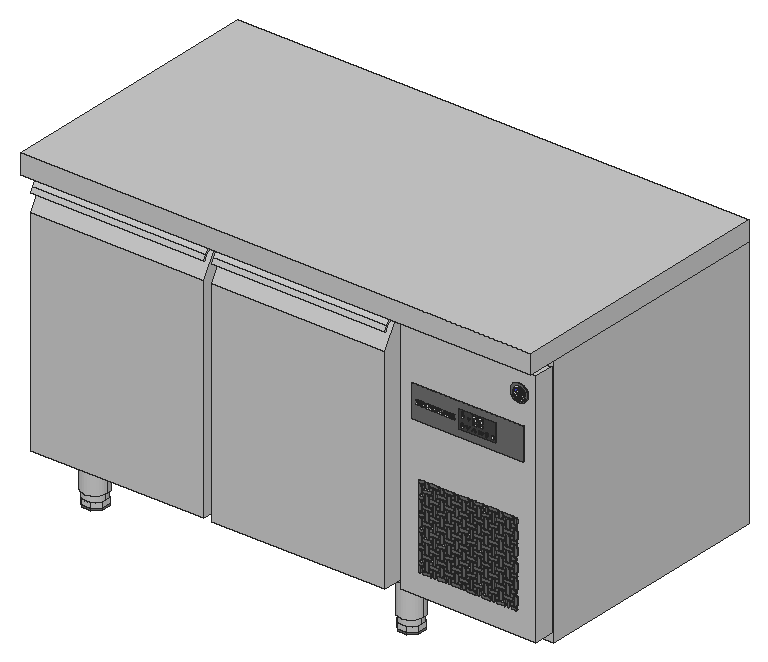
Revit family "QF_HOSHIZAKI_899000840", category Specialty Equipment, Revit 2016 (continued)
Definition of nested family "QF_HOSHIZAKI_899000840_230V_1Ph_50Hz"
  Definition of nested family "Control-panel"
    Forms (mm)
      Extrusion 1, solid
        sketch origin (-3653, 19.5, -135) x (-1, 0, 0) y (0, 0, 1)
          loop
            line (-3729.025, 276.976) -> (-3729.025, 283.976) -> (-3736.025, 283.976) -> (-3736.025, 276.976) -> (-3729.025, 276.976)
          loop
            line (-3710.025, 276.976) -> (-3710.025, 283.976) -> (-3717.025, 283.976) -> (-3717.025, 276.976) -> (-3710.025, 276.976)
          loop
            arc (-3719.5, 279.986) -> (-3723, 283.486) -> (-3726.5, 279.986) r 3.5
            line (-3726.5, 279.986) -> (-3726.5, 261.986)
            arc (-3726.5, 261.986) -> (-3723, 258.486) -> (-3719.5, 261.986) r 3.5
            line (-3719.5, 261.986) -> (-3719.5, 279.986)
          loop
            arc (-3757.5, 279.986) -> (-3761, 283.486) -> (-3764.5, 279.986) r 3.5
            line (-3764.5, 279.986) -> (-3764.5, 261.986)
            arc (-3764.5, 261.986) -> (-3761, 258.486) -> (-3757.5, 261.986) r 3.5
            line (-3757.5, 261.986) -> (-3757.5, 279.986)
          loop
            arc (-3795.5, 279.986) -> (-3799, 283.486) -> (-3802.5, 279.986) r 3.5
            line (-3802.5, 279.986) -> (-3802.5, 261.986)
            arc (-3802.5, 261.986) -> (-3799, 258.486) -> (-3795.5, 261.986) r 3.5
            line (-3795.5, 261.986) -> (-3795.5, 279.986)
          loop
            arc (-3833.5, 279.986) -> (-3837, 283.486) -> (-3840.5, 279.986) r 3.5
            line (-3840.5, 279.986) -> (-3840.5, 261.986)
            arc (-3840.5, 261.986) -> (-3837, 258.486) -> (-3833.5, 261.986) r 3.5
            line (-3833.5, 261.986) -> (-3833.5, 279.986)
          loop
            arc (-3871.5, 279.986) -> (-3875, 283.486) -> (-3878.5, 279.986) r 3.5
            line (-3878.5, 279.986) -> (-3878.5, 261.986)
            arc (-3878.5, 261.986) -> (-3875, 258.486) -> (-3871.5, 261.986) r 3.5
            line (-3871.5, 261.986) -> (-3871.5, 279.986)
          loop
            arc (-3909.5, 279.986) -> (-3913, 283.486) -> (-3916.5, 279.986) r 3.5
            line (-3916.5, 279.986) -> (-3916.5, 261.986)
            arc (-3916.5, 261.986) -> (-3913, 258.486) -> (-3909.5, 261.986) r 3.5
            line (-3909.5, 261.986) -> (-3909.5, 279.986)
          loop
            arc (-3951, 292.986) -> (-3954, 289.986) -> (-3951, 286.986) r 3
            line (-3951, 286.986) -> (-3942, 286.986)
            arc (-3942, 286.986) -> (-3939, 289.986) -> (-3942, 292.986) r 3
            line (-3942, 292.986) -> (-3951, 292.986)
          loop
            arc (-3947.5, 279.986) -> (-3951, 283.486) -> (-3954.5, 279.986) r 3.5
            line (-3954.5, 279.986) -> (-3954.5, 261.986)
            arc (-3954.5, 261.986) -> (-3951, 258.486) -> (-3947.5, 261.986) r 3.5
            line (-3947.5, 261.986) -> (-3947.5, 279.986)
          loop
            arc (-3941, 274.486) -> (-3944.5, 270.986) -> (-3941, 267.486) r 3.5
            line (-3941, 267.486) -> (-3923, 267.486)
            arc (-3923, 267.486) -> (-3919.5, 270.986) -> (-3923, 274.486) r 3.5
            line (-3923, 274.486) -> (-3941, 274.486)
          loop
            arc (-3903, 274.486) -> (-3906.5, 270.986) -> (-3903, 267.486) r 3.5
            line (-3903, 267.486) -> (-3885, 267.486)
            arc (-3885, 267.486) -> (-3881.5, 270.986) -> (-3885, 274.486) r 3.5
            line (-3885, 274.486) -> (-3903, 274.486)
          loop
            arc (-3865, 274.486) -> (-3868.5, 270.986) -> (-3865, 267.486) r 3.5
            line (-3865, 267.486) -> (-3847, 267.486)
            arc (-3847, 267.486) -> (-3843.5, 270.986) -> (-3847, 274.486) r 3.5
            line (-3847, 274.486) -> (-3865, 274.486)
          loop
            arc (-3827, 274.486) -> (-3830.5, 270.986) -> (-3827, 267.486) r 3.5
            line (-3827, 267.486) -> (-3809, 267.486)
            arc (-3809, 267.486) -> (-3805.5, 270.986) -> (-3809, 274.486) r 3.5
            line (-3809, 274.486) -> (-3827, 274.486)
          loop
            arc (-3789, 274.486) -> (-3792.5, 270.986) -> (-3789, 267.486) r 3.5
            line (-3789, 267.486) -> (-3771, 267.486)
            arc (-3771, 267.486) -> (-3767.5, 270.986) -> (-3771, 274.486) r 3.5
            line (-3771, 274.486) -> (-3789, 274.486)
          loop
            arc (-3751, 274.486) -> (-3754.5, 270.986) -> (-3751, 267.486) r 3.5
            line (-3751, 267.486) -> (-3733, 267.486)
            arc (-3733, 267.486) -> (-3729.5, 270.986) -> (-3733, 274.486) r 3.5
            line (-3733, 274.486) -> (-3751, 274.486)
          loop
            arc (-3713, 274.486) -> (-3716.5, 270.986) -> (-3713, 267.486) r 3.5
            line (-3713, 267.486) -> (-3704, 267.486)
            arc (-3704, 267.486) -> (-3700.5, 270.986) -> (-3704, 274.486) r 3.5
            line (-3704, 274.486) -> (-3713, 274.486)
          loop
            line (-3938.025, 264.996) -> (-3945.025, 264.996) -> (-3945.025, 257.996) -> (-3938.025, 257.996) -> (-3938.025, 264.996)
          loop
            line (-3919.025, 264.996) -> (-3926.025, 264.996) -> (-3926.025, 257.996) -> (-3919.025, 257.996) -> (-3919.025, 264.996)
          loop
            line (-3900.025, 264.996) -> (-3907.025, 264.996) -> (-3907.025, 257.996) -> (-3900.025, 257.996) -> (-3900.025, 264.996)
          loop
            line (-3881.025, 264.996) -> (-3888.025, 264.996) -> (-3888.025, 257.996) -> (-3881.025, 257.996) -> (-3881.025, 264.996)
          loop
            line (-3862.025, 264.996) -> (-3869.025, 264.996) -> (-3869.025, 257.996) -> (-3862.025, 257.996) -> (-3862.025, 264.996)
          loop
            line (-3843.025, 264.996) -> (-3850.025, 264.996) -> (-3850.025, 257.996) -> (-3843.025, 257.996) -> (-3843.025, 264.996)
          loop
            line (-3824.025, 264.996) -> (-3831.025, 264.996) -> (-3831.025, 257.996) -> (-3824.025, 257.996) -> (-3824.025, 264.996)
          loop
            line (-3805.025, 264.996) -> (-3812.025, 264.996) -> (-3812.025, 257.996) -> (-3805.025, 257.996) -> (-3805.025, 264.996)
          loop
            line (-3786.025, 264.996) -> (-3793.025, 264.996) -> (-3793.025, 257.996) -> (-3786.025, 257.996) -> (-3786.025, 264.996)
          loop
            line (-3767.025, 264.996) -> (-3774.025, 264.996) -> (-3774.025, 257.996) -> (-3767.025, 257.996) -> (-3767.025, 264.996)
          loop
            line (-3748.025, 264.996) -> (-3755.025, 264.996) -> (-3755.025, 257.996) -> (-3748.025, 257.996) -> (-3748.025, 264.996)
          loop
            line (-3729.025, 264.996) -> (-3736.025, 264.996) -> (-3736.025, 257.996) -> (-3729.025, 257.996) -> (-3729.025, 264.996)
          loop
            line (-3710.025, 264.996) -> (-3717.025, 264.996) -> (-3717.025, 257.996) -> (-3710.025, 257.996) -> (-3710.025, 264.996)
          loop
            line (-3935.5, 260.986) -> (-3935.5, 242.986)
            arc (-3935.5, 242.986) -> (-3932, 239.486) -> (-3928.5, 242.986) r 3.5
            line (-3928.5, 242.986) -> (-3928.5, 260.986)
            arc (-3928.5, 260.986) -> (-3932, 264.486) -> (-3935.5, 260.986) r 3.5
          loop
            line (-3897.5, 260.986) -> (-3897.5, 242.986)
            arc (-3897.5, 242.986) -> (-3894, 239.486) -> (-3890.5, 242.986) r 3.5
            line (-3890.5, 242.986) -> (-3890.5, 260.986)
            arc (-3890.5, 260.986) -> (-3894, 264.486) -> (-3897.5, 260.986) r 3.5
          loop
            line (-3859.5, 260.986) -> (-3859.5, 242.986)
            arc (-3859.5, 242.986) -> (-3856, 239.486) -> (-3852.5, 242.986) r 3.5
            line (-3852.5, 242.986) -> (-3852.5, 260.986)
            arc (-3852.5, 260.986) -> (-3856, 264.486) -> (-3859.5, 260.986) r 3.5
          loop
            line (-3821.5, 260.986) -> (-3821.5, 242.986)
            arc (-3821.5, 242.986) -> (-3818, 239.486) -> (-3814.5, 242.986) r 3.5
            line (-3814.5, 242.986) -> (-3814.5, 260.986)
            arc (-3814.5, 260.986) -> (-3818, 264.486) -> (-3821.5, 260.986) r 3.5
          loop
            line (-3783.5, 260.986) -> (-3783.5, 242.986)
            arc (-3783.5, 242.986) -> (-3780, 239.486) -> (-3776.5, 242.986) r 3.5
            line (-3776.5, 242.986) -> (-3776.5, 260.986)
            arc (-3776.5, 260.986) -> (-3780, 264.486) -> (-3783.5, 260.986) r 3.5
          loop
            line (-3745.5, 260.986) -> (-3745.5, 242.986)
            arc (-3745.5, 242.986) -> (-3742, 239.486) -> (-3738.5, 242.986) r 3.5
            line (-3738.5, 242.986) -> (-3738.5, 260.986)
            arc (-3738.5, 260.986) -> (-3742, 264.486) -> (-3745.5, 260.986) r 3.5
          loop
            line (-3707.5, 260.986) -> (-3707.5, 242.986)
            arc (-3707.5, 242.986) -> (-3704, 239.486) -> (-3700.5, 242.986) r 3.5
            line (-3700.5, 242.986) -> (-3700.5, 260.986)
            arc (-3700.5, 260.986) -> (-3704, 264.486) -> (-3707.5, 260.986) r 3.5
          loop
            arc (-3922, 255.486) -> (-3925.5, 251.986) -> (-3922, 248.486) r 3.5
            line (-3922, 248.486) -> (-3904, 248.486)
            arc (-3904, 248.486) -> (-3900.5, 251.986) -> (-3904, 255.486) r 3.5
            line (-3904, 255.486) -> (-3922, 255.486)
          loop
            arc (-3884, 255.486) -> (-3887.5, 251.986) -> (-3884, 248.486) r 3.5
            line (-3884, 248.486) -> (-3866, 248.486)
            arc (-3866, 248.486) -> (-3862.5, 251.986) -> (-3866, 255.486) r 3.5
            line (-3866, 255.486) -> (-3884, 255.486)
          loop
            arc (-3846, 255.486) -> (-3849.5, 251.986) -> (-3846, 248.486) r 3.5
            line (-3846, 248.486) -> (-3828, 248.486)
            arc (-3828, 248.486) -> (-3824.5, 251.986) -> (-3828, 255.486) r 3.5
            line (-3828, 255.486) -> (-3846, 255.486)
          loop
            arc (-3808, 255.486) -> (-3811.5, 251.986) -> (-3808, 248.486) r 3.5
            line (-3808, 248.486) -> (-3790, 248.486)
            arc (-3790, 248.486) -> (-3786.5, 251.986) -> (-3790, 255.486) r 3.5
            line (-3790, 255.486) -> (-3808, 255.486)
          loop
            arc (-3770, 255.486) -> (-3773.5, 251.986) -> (-3770, 248.486) r 3.5
            line (-3770, 248.486) -> (-3752, 248.486)
            arc (-3752, 248.486) -> (-3748.5, 251.986) -> (-3752, 255.486) r 3.5
            line (-3752, 255.486) -> (-3770, 255.486)
          loop
            arc (-3732, 255.486) -> (-3735.5, 251.986) -> (-3732, 248.486) r 3.5
            line (-3732, 248.486) -> (-3714, 248.486)
            arc (-3714, 248.486) -> (-3710.5, 251.986) -> (-3714, 255.486) r 3.5
            line (-3714, 255.486) -> (-3732, 255.486)
          loop
            line (-3938.025, 238.976) -> (-3938.025, 245.976) -> (-3945.025, 245.976) -> (-3945.025, 238.976) -> (-3938.025, 238.976)
          loop
            line (-3919.025, 238.976) -> (-3919.025, 245.976) -> (-3926.025, 245.976) -> (-3926.025, 238.976) -> (-3919.025, 238.976)
          loop
            line (-3900.025, 238.976) -> (-3900.025, 245.976) -> (-3907.025, 245.976) -> (-3907.025, 238.976) -> (-3900.025, 238.976)
          loop
            line (-3881.025, 238.976) -> (-3881.025, 245.976) -> (-3888.025, 245.976) -> (-3888.025, 238.976) -> (-3881.025, 238.976)
          loop
            line (-3862.025, 238.976) -> (-3862.025, 245.976) -> (-3869.025, 245.976) -> (-3869.025, 238.976) -> (-3862.025, 238.976)
          loop
            line (-3843.025, 238.976) -> (-3843.025, 245.976) -> (-3850.025, 245.976) -> (-3850.025, 238.976) -> (-3843.025, 238.976)
          loop
            line (-3824.025, 238.976) -> (-3824.025, 245.976) -> (-3831.025, 245.976) -> (-3831.025, 238.976) -> (-3824.025, 238.976)
          loop
            line (-3805.025, 238.976) -> (-3805.025, 245.976) -> (-3812.025, 245.976) -> (-3812.025, 238.976) -> (-3805.025, 238.976)
          loop
            line (-3786.025, 238.976) -> (-3786.025, 245.976) -> (-3793.025, 245.976) -> (-3793.025, 238.976) -> (-3786.025, 238.976)
          loop
            line (-3767.025, 238.976) -> (-3767.025, 245.976) -> (-3774.025, 245.976) -> (-3774.025, 238.976) -> (-3767.025, 238.976)
          loop
            line (-3748.025, 238.976) -> (-3748.025, 245.976) -> (-3755.025, 245.976) -> (-3755.025, 238.976) -> (-3748.025, 238.976)
          loop
            line (-3729.025, 238.976) -> (-3729.025, 245.976) -> (-3736.025, 245.976) -> (-3736.025, 238.976) -> (-3729.025, 238.976)
          loop
            line (-3710.025, 238.976) -> (-3710.025, 245.976) -> (-3717.025, 245.976) -> (-3717.025, 238.976) -> (-3710.025, 238.976)
          loop
            arc (-3719.5, 241.986) -> (-3723, 245.486) -> (-3726.5, 241.986) r 3.5
            line (-3726.5, 241.986) -> (-3726.5, 223.986)
            arc (-3726.5, 223.986) -> (-3723, 220.486) -> (-3719.5, 223.986) r 3.5
            line (-3719.5, 223.986) -> (-3719.5, 241.986)
          loop
            arc (-3757.5, 241.986) -> (-3761, 245.486) -> (-3764.5, 241.986) r 3.5
            line (-3764.5, 241.986) -> (-3764.5, 223.986)
            arc (-3764.5, 223.986) -> (-3761, 220.486) -> (-3757.5, 223.986) r 3.5
            line (-3757.5, 223.986) -> (-3757.5, 241.986)
          loop
            arc (-3795.5, 241.986) -> (-3799, 245.486) -> (-3802.5, 241.986) r 3.5
            line (-3802.5, 241.986) -> (-3802.5, 223.986)
            arc (-3802.5, 223.986) -> (-3799, 220.486) -> (-3795.5, 223.986) r 3.5
            line (-3795.5, 223.986) -> (-3795.5, 241.986)
          loop
            arc (-3833.5, 241.986) -> (-3837, 245.486) -> (-3840.5, 241.986) r 3.5
            line (-3840.5, 241.986) -> (-3840.5, 223.986)
            arc (-3840.5, 223.986) -> (-3837, 220.486) -> (-3833.5, 223.986) r 3.5
            line (-3833.5, 223.986) -> (-3833.5, 241.986)
          loop
            arc (-3871.5, 241.986) -> (-3875, 245.486) -> (-3878.5, 241.986) r 3.5
            line (-3878.5, 241.986) -> (-3878.5, 223.986)
            arc (-3878.5, 223.986) -> (-3875, 220.486) -> (-3871.5, 223.986) r 3.5
            line (-3871.5, 223.986) -> (-3871.5, 241.986)
          loop
            arc (-3909.5, 241.986) -> (-3913, 245.486) -> (-3916.5, 241.986) r 3.5
            line (-3916.5, 241.986) -> (-3916.5, 223.986)
            arc (-3916.5, 223.986) -> (-3913, 220.486) -> (-3909.5, 223.986) r 3.5
            line (-3909.5, 223.986) -> (-3909.5, 241.986)
          loop
            arc (-3951, 254.986) -> (-3954, 251.986) -> (-3951, 248.986) r 3
            line (-3951, 248.986) -> (-3942, 248.986)
            arc (-3942, 248.986) -> (-3939, 251.986) -> (-3942, 254.986) r 3
            line (-3942, 254.986) -> (-3951, 254.986)
          loop
            arc (-3947.5, 241.986) -> (-3951, 245.486) -> (-3954.5, 241.986) r 3.5
            line (-3954.5, 241.986) -> (-3954.5, 223.986)
            arc (-3954.5, 223.986) -> (-3951, 220.486) -> (-3947.5, 223.986) r 3.5
            line (-3947.5, 223.986) -> (-3947.5, 241.986)
          loop
            arc (-3941, 236.486) -> (-3944.5, 232.986) -> (-3941, 229.486) r 3.5
            line (-3941, 229.486) -> (-3923, 229.486)
            arc (-3923, 229.486) -> (-3919.5, 232.986) -> (-3923, 236.486) r 3.5
            line (-3923, 236.486) -> (-3941, 236.486)
          loop
            arc (-3903, 236.486) -> (-3906.5, 232.986) -> (-3903, 229.486) r 3.5
            line (-3903, 229.486) -> (-3885, 229.486)
            arc (-3885, 229.486) -> (-3881.5, 232.986) -> (-3885, 236.486) r 3.5
            line (-3885, 236.486) -> (-3903, 236.486)
          loop
            arc (-3865, 236.486) -> (-3868.5, 232.986) -> (-3865, 229.486) r 3.5
            line (-3865, 229.486) -> (-3847, 229.486)
            arc (-3847, 229.486) -> (-3843.5, 232.986) -> (-3847, 236.486) r 3.5
            line (-3847, 236.486) -> (-3865, 236.486)
          loop
            arc (-3827, 236.486) -> (-3830.5, 232.986) -> (-3827, 229.486) r 3.5
            line (-3827, 229.486) -> (-3809, 229.486)
            arc (-3809, 229.486) -> (-3805.5, 232.986) -> (-3809, 236.486) r 3.5
            line (-3809, 236.486) -> (-3827, 236.486)
          loop
            arc (-3789, 236.486) -> (-3792.5, 232.986) -> (-3789, 229.486) r 3.5
            line (-3789, 229.486) -> (-3771, 229.486)
            arc (-3771, 229.486) -> (-3767.5, 232.986) -> (-3771, 236.486) r 3.5
            line (-3771, 236.486) -> (-3789, 236.486)
          loop
            arc (-3751, 236.486) -> (-3754.5, 232.986) -> (-3751, 229.486) r 3.5
            line (-3751, 229.486) -> (-3733, 229.486)
            arc (-3733, 229.486) -> (-3729.5, 232.986) -> (-3733, 236.486) r 3.5
            line (-3733, 236.486) -> (-3751, 236.486)
          loop
            arc (-3713, 236.486) -> (-3716.5, 232.986) -> (-3713, 229.486) r 3.5
            line (-3713, 229.486) -> (-3704, 229.486)
            arc (-3704, 229.486) -> (-3700.5, 232.986) -> (-3704, 236.486) r 3.5
            line (-3704, 236.486) -> (-3713, 236.486)
          loop
            line (-3938.025, 226.996) -> (-3945.025, 226.996) -> (-3945.025, 219.996) -> (-3938.025, 219.996) -> (-3938.025, 226.996)
          loop
            line (-3919.025, 226.996) -> (-3926.025, 226.996) -> (-3926.025, 219.996) -> (-3919.025, 219.996) -> (-3919.025, 226.996)
          loop
            line (-3900.025, 226.996) -> (-3907.025, 226.996) -> (-3907.025, 219.996) -> (-3900.025, 219.996) -> (-3900.025, 226.996)
          loop
            line (-3881.025, 226.996) -> (-3888.025, 226.996) -> (-3888.025, 219.996) -> (-3881.025, 219.996) -> (-3881.025, 226.996)
          loop
            line (-3862.025, 226.996) -> (-3869.025, 226.996) -> (-3869.025, 219.996) -> (-3862.025, 219.996) -> (-3862.025, 226.996)
          loop
            line (-3843.025, 226.996) -> (-3850.025, 226.996) -> (-3850.025, 219.996) -> (-3843.025, 219.996) -> (-3843.025, 226.996)
          loop
            line (-3824.025, 226.996) -> (-3831.025, 226.996) -> (-3831.025, 219.996) -> (-3824.025, 219.996) -> (-3824.025, 226.996)
          loop
            line (-3805.025, 226.996) -> (-3812.025, 226.996) -> (-3812.025, 219.996) -> (-3805.025, 219.996) -> (-3805.025, 226.996)
          loop
            line (-3786.025, 226.996) -> (-3793.025, 226.996) -> (-3793.025, 219.996) -> (-3786.025, 219.996) -> (-3786.025, 226.996)
          loop
            line (-3767.025, 226.996) -> (-3774.025, 226.996) -> (-3774.025, 219.996) -> (-3767.025, 219.996) -> (-3767.025, 226.996)
          loop
            line (-3748.025, 226.996) -> (-3755.025, 226.996) -> (-3755.025, 219.996) -> (-3748.025, 219.996) -> (-3748.025, 226.996)
          loop
            line (-3729.025, 226.996) -> (-3736.025, 226.996) -> (-3736.025, 219.996) -> (-3729.025, 219.996) -> (-3729.025, 226.996)
          loop
            line (-3710.025, 226.996) -> (-3717.025, 226.996) -> (-3717.025, 219.996) -> (-3710.025, 219.996) -> (-3710.025, 226.996)
          loop
            arc (-3922, 217.486) -> (-3925.5, 213.986) -> (-3922, 210.486) r 3.5
            line (-3922, 210.486) -> (-3904, 210.486)
            arc (-3904, 210.486) -> (-3900.5, 213.986) -> (-3904, 217.486) r 3.5
            line (-3904, 217.486) -> (-3922, 217.486)
          loop
            arc (-3884, 217.486) -> (-3887.5, 213.986) -> (-3884, 210.486) r 3.5
            line (-3884, 210.486) -> (-3866, 210.486)
            arc (-3866, 210.486) -> (-3862.5, 213.986) -> (-3866, 217.486) r 3.5
            line (-3866, 217.486) -> (-3884, 217.486)
          loop
            arc (-3846, 217.486) -> (-3849.5, 213.986) -> (-3846, 210.486) r 3.5
            line (-3846, 210.486) -> (-3828, 210.486)
            arc (-3828, 210.486) -> (-3824.5, 213.986) -> (-3828, 217.486) r 3.5
            line (-3828, 217.486) -> (-3846, 217.486)
          loop
            arc (-3808, 217.486) -> (-3811.5, 213.986) -> (-3808, 210.486) r 3.5
            line (-3808, 210.486) -> (-3790, 210.486)
            arc (-3790, 210.486) -> (-3786.5, 213.986) -> (-3790, 217.486) r 3.5
            line (-3790, 217.486) -> (-3808, 217.486)
          loop
            arc (-3770, 217.486) -> (-3773.5, 213.986) -> (-3770, 210.486) r 3.5
            line (-3770, 210.486) -> (-3752, 210.486)
            arc (-3752, 210.486) -> (-3748.5, 213.986) -> (-3752, 217.486) r 3.5
            line (-3752, 217.486) -> (-3770, 217.486)
          loop
            arc (-3732, 217.486) -> (-3735.5, 213.986) -> (-3732, 210.486) r 3.5
            line (-3732, 210.486) -> (-3714, 210.486)
            arc (-3714, 210.486) -> (-3710.5, 213.986) -> (-3714, 217.486) r 3.5
            line (-3714, 217.486) -> (-3732, 217.486)
          loop
            arc (-3951, 216.986) -> (-3954, 213.986) -> (-3951, 210.986) r 3
            line (-3951, 210.986) -> (-3942, 210.986)
            arc (-3942, 210.986) -> (-3939, 213.986) -> (-3942, 216.986) r 3
            line (-3942, 216.986) -> (-3951, 216.986)
          loop
            arc (-3701, 223.486) -> (-3704, 226.486) -> (-3707, 223.486) r 3
            line (-3707, 223.486) -> (-3707, 214.486)
            arc (-3707, 214.486) -> (-3704, 211.486) -> (-3701, 214.486) r 3
            line (-3701, 214.486) -> (-3701, 223.486)
          loop
            arc (-3739, 223.486) -> (-3742, 226.486) -> (-3745, 223.486) r 3
            line (-3745, 223.486) -> (-3745, 214.486)
            arc (-3745, 214.486) -> (-3742, 211.486) -> (-3739, 214.486) r 3
            line (-3739, 214.486) -> (-3739, 223.486)
          loop
            arc (-3777, 223.486) -> (-3780, 226.486) -> (-3783, 223.486) r 3
            line (-3783, 223.486) -> (-3783, 214.486)
            arc (-3783, 214.486) -> (-3780, 211.486) -> (-3777, 214.486) r 3
            line (-3777, 214.486) -> (-3777, 223.486)
          loop
            arc (-3815, 223.486) -> (-3818, 226.486) -> (-3821, 223.486) r 3
            line (-3821, 223.486) -> (-3821, 214.486)
            arc (-3821, 214.486) -> (-3818, 211.486) -> (-3815, 214.486) r 3
            line (-3815, 214.486) -> (-3815, 223.486)
          loop
            arc (-3853, 223.486) -> (-3856, 226.486) -> (-3859, 223.486) r 3
            line (-3859, 223.486) -> (-3859, 214.486)
            arc (-3859, 214.486) -> (-3856, 211.486) -> (-3853, 214.486) r 3
            line (-3853, 214.486) -> (-3853, 223.486)
          loop
            arc (-3891, 223.486) -> (-3894, 226.486) -> (-3897, 223.486) r 3
            line (-3897, 223.486) -> (-3897, 214.486)
            arc (-3897, 214.486) -> (-3894, 211.486) -> (-3891, 214.486) r 3
            line (-3891, 214.486) -> (-3891, 223.486)
          loop
            arc (-3929, 223.486) -> (-3932, 226.486) -> (-3935, 223.486) r 3
            line (-3935, 223.486) -> (-3935, 214.486)
            arc (-3935, 214.486) -> (-3932, 211.486) -> (-3929, 214.486) r 3
            line (-3929, 214.486) -> (-3929, 223.486)
        from 5.5 to 7.5
      Extrusion 2, solid
        sketch origin (-1812, 19.5, -302.5) x (-1, 0, 0) y (0, 0, 1)
          loop
            line (-2131, 808) -> (-2131, 731)
            arc (-2131, 731) -> (-2130.121, 728.879) -> (-2128, 728) r 3
            line (-2128, 728) -> (-1845, 728)
            arc (-1845, 728) -> (-1842.879, 728.879) -> (-1842, 731) r 3
            line (-1842, 731) -> (-1842, 808)
            arc (-1842, 808) -> (-1842.879, 810.121) -> (-1845, 811) r 3
            line (-1845, 811) -> (-2128, 811)
            arc (-2128, 811) -> (-2130.121, 810.121) -> (-2131, 808) r 3
        from 5.5 to 7.5
      Extrusion 3, solid
        sketch origin (-1721.829, 19.5, -302.5) x (-1, 0, 0) y (0, 0, 1)
          loop
            line (-1873, 793) -> (-1968.159, 793) -> (-1968.159, 746) -> (-1873, 746) -> (-1873, 793)
        from 5 to 7.5
      Extrusion 4, solid, visible <- "Show Logo"
        sketch origin (-1807, 19.5, -188.5) x (-1, 0, 0) y (0, 0, 1)
          loop
            circle (-2113.5, 769.5) r 13.99
        from 4.5 to 6
      Extrusion 5, solid, visible <- "Show Logo"
        sketch origin (-1807, 19.5, -188.5) x (-1, 0, 0) y (0, 0, 1)
          loop
            circle (-2113.5, 769.5) r 15
          loop
            line (-2126.5, 769.5) -> (-2120.846, 773.459) -> (-2118.907, 773.459) -> (-2118.036, 763.497) -> (-2119.632, 763.497) -> (-2117.808, 760.891) -> (-2122.091, 759.743)
            arc (-2122.091, 759.743) -> (-2112.99, 756.51) -> (-2104.171, 760.446) r 13
            line (-2104.171, 760.446) -> (-2111.913, 760.446) -> (-2113.024, 758.523) -> (-2117.6, 758.523) -> (-2113.951, 764.843) -> (-2112.168, 762.297) -> (-2110.969, 763.497) -> (-2112.161, 767.945) -> (-2112.983, 771.014) -> (-2114.045, 774.979) -> (-2115.629, 777.241) -> (-2111.344, 777.241) -> (-2110.01, 772.26) -> (-2108.361, 772.26) -> (-2107.029, 770.928) -> (-2104.038, 769.201) -> (-2103.03, 765.437) -> (-2100.604, 767.863)
            arc (-2100.604, 767.863) -> (-2112.68, 782.474) -> (-2126.5, 769.5) r 13
          loop
            arc (-2125.531, 764.467) -> (-2124.506, 762.602) -> (-2123.241, 760.891) r 15.828
            line (-2123.241, 760.891) -> (-2121.071, 768.926) -> (-2125.531, 764.467)
          loop
            line (-2109.801, 769.877) -> (-2109.801, 764.664) -> (-2108.483, 768.285) -> (-2106.744, 769.399) -> (-2109.801, 769.877)
          loop
            line (-2108.558, 762.979) -> (-2105.47, 762.035) -> (-2104.504, 761.224) -> (-2103.812, 761.916) -> (-2105.089, 763.908) -> (-2108.558, 762.979)
          loop
            line (-2110.775, 779.307) -> (-2108.457, 780.388) -> (-2110.775, 781.009) -> (-2110.775, 779.307)
          loop
            line (-2113.024, 781.662) -> (-2115.087, 781.11) -> (-2114.199, 779.205) -> (-2112.584, 779.638) -> (-2113.79, 780.335) -> (-2113.024, 781.662)
          loop
            line (-2113.762, 753.783) -> (-2114.844, 752.701) -> (-2116.385, 752.701) -> (-2115.329, 751.645) -> (-2115.642, 749.874) -> (-2113.762, 750.959) -> (-2111.881, 749.874) -> (-2112.194, 751.645) -> (-2111.138, 752.701) -> (-2112.679, 752.701) -> (-2113.762, 753.783)
          loop
            line (-2126.524, 760.7) -> (-2128.032, 760.965) -> (-2128.916, 762.228) -> (-2129.176, 760.757) -> (-2130.805, 759.997) -> (-2128.838, 759.08) -> (-2128.648, 756.917) -> (-2127.377, 758.188) -> (-2125.906, 757.929) -> (-2126.79, 759.191) -> (-2126.524, 760.7)
          loop
            line (-2120.989, 755.68) -> (-2122.45, 755.219) -> (-2123.816, 755.931) -> (-2123.367, 754.507) -> (-2124.462, 753.08) -> (-2122.293, 753.175) -> (-2121.127, 751.344) -> (-2120.586, 753.059) -> (-2119.162, 753.508) -> (-2120.529, 754.219) -> (-2120.989, 755.68)
          loop
            line (-2100.476, 760.7) -> (-2100.21, 759.191) -> (-2101.094, 757.929) -> (-2099.623, 758.188) -> (-2098.352, 756.917) -> (-2098.162, 759.08) -> (-2096.195, 759.997) -> (-2097.824, 760.757) -> (-2098.084, 762.228) -> (-2098.968, 760.965) -> (-2100.476, 760.7)
          loop
            line (-2106.011, 755.68) -> (-2106.471, 754.219) -> (-2107.838, 753.508) -> (-2106.414, 753.059) -> (-2105.873, 751.344) -> (-2104.707, 753.175) -> (-2102.538, 753.08) -> (-2103.633, 754.507) -> (-2103.184, 755.931) -> (-2104.55, 755.219) -> (-2106.011, 755.68)
        from 4 to 6
      Extrusion 6, solid, visible <- "Show Logo"
        sketch origin (-1807, 19.5, -188.5) x (-1, 0, 0) y (0, 0, 1)
          loop
            line (-2110.775, 781.009) -> (-2112.201, 782.435)
            arc (-2112.201, 782.435) -> (-2113.187, 782.496) -> (-2114.172, 782.435) r 8.046
            arc (-2114.172, 782.435) -> (-2116.517, 781.025) -> (-2117.04, 778.339) r 3.366
            line (-2117.04, 778.339) -> (-2118.907, 773.459) -> (-2117.808, 760.891) -> (-2119.436, 758.565) -> (-2117.576, 758.565) -> (-2113.951, 764.843) -> (-2112.168, 762.297) -> (-2110.969, 763.497) -> (-2114.045, 774.979) -> (-2115.629, 777.241) -> (-2111.299, 777.241) -> (-2110.775, 779.307) -> (-2110.775, 781.009)
          loop
            line (-2116.531, 758.523) -> (-2117.14, 757.468) -> (-2111.822, 757.468) -> (-2112.761, 758.407) -> (-2109.605, 758.407) -> (-2110.682, 759.485) -> (-2112.469, 759.485) -> (-2113.024, 758.523) -> (-2116.531, 758.523)
          loop
            line (-2113.024, 781.662) -> (-2115.087, 781.11) -> (-2114.199, 779.205) -> (-2112.584, 779.638) -> (-2113.79, 780.335) -> (-2113.024, 781.662)
        from 4 to 6
      Extrusion 7, solid, visible <- "Show Logo"
        sketch origin (-1807, 19.5, -188.5) x (-1, 0, 0) y (0, 0, 1)
          loop
            circle (-2113.5, 769.5) r 22.5
        from 5 to 7.5
      Extrusion 8, solid
        sketch origin (-1721.829, 19.5, -302.5) x (-1, 0, 0) y (0, 0, 1)
          loop
            line (-1897.356, 754.233) -> (-1901.676, 760.18) -> (-1902.485, 759.592) -> (-1897.356, 752.532) -> (-1892.226, 759.592) -> (-1893.035, 760.18) -> (-1897.356, 754.233)
          loop
            line (-1895.298, 779.667) -> (-1903.298, 779.667) -> (-1899.298, 774.161) -> (-1895.298, 779.667)
          loop
            arc (-1884, 780.828) -> (-1883, 775) -> (-1882, 780.828) r 3
            line (-1882, 780.828) -> (-1882, 789)
            arc (-1882, 789) -> (-1883, 790) -> (-1884, 789) r 1
            line (-1884, 789) -> (-1884, 780.828)
          loop
            line (-1936.977, 758.753) -> (-1936.977, 757.753) -> (-1935.558, 757.753) -> (-1935.558, 753.753) -> (-1934.558, 753.753) -> (-1934.558, 757.753) -> (-1933.139, 757.753) -> (-1933.139, 758.753) -> (-1936.977, 758.753)
          loop
            line (-1932.115, 758.753) -> (-1932.115, 757.753) -> (-1929.56, 757.753) -> (-1929.56, 756.753) -> (-1932.115, 756.753) -> (-1932.115, 755.753) -> (-1929.56, 755.753) -> (-1929.56, 754.846) -> (-1932.115, 754.846) -> (-1932.115, 753.959) -> (-1928.597, 753.959) -> (-1928.597, 758.753) -> (-1932.115, 758.753)
          loop
            arc (-1924.65, 754.079) -> (-1924.044, 754.636) -> (-1923.817, 755.427) r 1.523
            line (-1923.817, 755.427) -> (-1924.894, 755.427)
            arc (-1924.894, 755.427) -> (-1925.223, 754.677) -> (-1926.036, 754.57) r 0.834
            arc (-1926.036, 754.57) -> (-1926.426, 755.149) -> (-1926.036, 755.728) r 0.624
            line (-1926.036, 755.728) -> (-1924.4, 756.389)
            arc (-1924.4, 756.389) -> (-1923.819, 757.429) -> (-1924.4, 758.468) r 1.22
            arc (-1924.4, 758.468) -> (-1925.609, 758.837) -> (-1926.845, 758.566) r 2.5
            arc (-1926.845, 758.566) -> (-1927.43, 758.007) -> (-1927.61, 757.218) r 1.408
            line (-1927.61, 757.218) -> (-1926.501, 757.218)
            arc (-1926.501, 757.218) -> (-1926.119, 757.761) -> (-1925.46, 757.843) r 0.819
            arc (-1925.46, 757.843) -> (-1925.082, 757.298) -> (-1925.527, 756.805) r 0.534
            arc (-1925.527, 756.805) -> (-1926.174, 756.645) -> (-1926.79, 756.389) r 4.401
            arc (-1926.79, 756.389) -> (-1927.499, 755.234) -> (-1926.79, 754.079) r 1.296
            arc (-1926.79, 754.079) -> (-1925.72, 753.823) -> (-1924.65, 754.079) r 2.364
          loop
            line (-1958.87, 752.532) -> (-1958.87, 755.934)
            arc (-1958.87, 755.934) -> (-1958.222, 756.503) -> (-1957.723, 757.207) r 3.697
            arc (-1957.723, 757.207) -> (-1957.553, 757.851) -> (-1957.699, 758.502) r 1.401
            arc (-1957.699, 758.502) -> (-1958.144, 759.265) -> (-1958.709, 759.944) r 5.307
            arc (-1958.709, 759.944) -> (-1959.239, 760.424) -> (-1959.82, 760.841) r 6.284
            arc (-1959.82, 760.841) -> (-1960.356, 760.997) -> (-1960.892, 760.841) r 1
            arc (-1960.892, 760.841) -> (-1961.473, 760.424) -> (-1962.003, 759.944) r 6.284
            arc (-1962.003, 759.944) -> (-1962.568, 759.265) -> (-1963.013, 758.502) r 5.307
            arc (-1963.013, 758.502) -> (-1963.159, 757.851) -> (-1962.988, 757.207) r 1.401
            arc (-1962.988, 757.207) -> (-1962.49, 756.503) -> (-1961.842, 755.934) r 3.697
            line (-1961.842, 755.934) -> (-1961.842, 752.532) -> (-1958.87, 752.532)
          loop
            line (-1882.858, 757.309) -> (-1881.853, 757.309) -> (-1881.853, 762) -> (-1882.858, 762) -> (-1882.858, 757.309)
          loop
            line (-1881.418, 759.222) -> (-1881.418, 760.609)
            arc (-1881.418, 760.609) -> (-1882.356, 752) -> (-1883.294, 760.609) r 4.356
            line (-1883.294, 760.609) -> (-1883.294, 759.222)
            arc (-1883.294, 759.222) -> (-1882.356, 753.34) -> (-1881.418, 759.222) r 3.016
          loop
            line (-1942.482, 755.817) -> (-1943.482, 755.817) -> (-1943.482, 752.817) -> (-1942.482, 752.817) -> (-1942.482, 755.817)
          loop
            line (-1944.856, 754.447) -> (-1945.856, 754.447) -> (-1945.856, 751.447) -> (-1944.856, 751.447) -> (-1944.856, 754.447)
          loop
            line (-1948.23, 755.817) -> (-1948.23, 752.817) -> (-1947.23, 752.817) -> (-1947.23, 755.817) -> (-1948.23, 755.817)
          loop
            line (-1945.356, 755.607) -> (-1942.858, 757.356) -> (-1943.431, 758.175) -> (-1945.356, 756.827) -> (-1947.28, 758.175) -> (-1947.854, 757.356) -> (-1945.356, 755.607)
          loop
            line (-1945.356, 758.296) -> (-1943.128, 760.523) -> (-1943.835, 761.23) -> (-1945.356, 759.71) -> (-1946.876, 761.23) -> (-1947.583, 760.523) -> (-1945.356, 758.296)
          loop
            line (-1912.356, 758.479) -> (-1908.035, 752.532) -> (-1907.226, 753.12) -> (-1912.356, 760.18) -> (-1917.485, 753.12) -> (-1916.676, 752.532) -> (-1912.356, 758.479)
          loop
            line (-1919.965, 768) -> (-1908.298, 768) -> (-1908.298, 779.667) -> (-1916.632, 779.667) -> (-1916.632, 784.667) -> (-1908.298, 784.667) -> (-1908.298, 788) -> (-1919.965, 788) -> (-1919.965, 776.333) -> (-1911.632, 776.333) -> (-1911.632, 771.333) -> (-1919.965, 771.333) -> (-1919.965, 768)
          loop
            line (-1934.965, 768) -> (-1923.298, 768) -> (-1923.298, 779.667) -> (-1931.632, 779.667) -> (-1931.632, 784.667) -> (-1923.298, 784.667) -> (-1923.298, 788) -> (-1934.965, 788) -> (-1934.965, 776.333) -> (-1926.632, 776.333) -> (-1926.632, 771.333) -> (-1934.965, 771.333) -> (-1934.965, 768)
        from 5 to 7.5
      Extrusion 9, solid, visible <- "Show Logo"
        sketch origin (5.605, 25.5, -94.508) x (-1, 0, 0) y (0, 0, 1)
          loop
            line (-34.966, 567.015) -> (-40.766, 567.015) -> (-40.766, 565.73) -> (-38.944, 564.902) -> (-38.944, 562.682) -> (-43.554, 562.682) -> (-43.554, 564.902) -> (-41.731, 565.73) -> (-41.731, 567.015) -> (-47.532, 567.015) -> (-47.532, 565.73) -> (-46.098, 564.902) -> (-46.098, 558.114) -> (-47.532, 557.286) -> (-47.532, 556) -> (-41.731, 556) -> (-41.731, 557.286) -> (-43.554, 558.114) -> (-43.554, 560.673) -> (-38.944, 560.673) -> (-38.944, 558.114) -> (-40.766, 557.286) -> (-40.766, 556) -> (-34.966, 556) -> (-34.966, 557.286) -> (-36.4, 558.114) -> (-36.4, 564.902) -> (-34.966, 565.73) -> (-34.966, 567.015)
          loop
            spline (-53.399, 556.042) -> (-51.878, 556.229) -> (-50.461, 556.777) -> (-49.244, 557.649) -> (-48.31, 558.785) -> (-47.723, 560.108) -> (-47.523, 561.528) -> (-47.723, 562.949) -> (-48.31, 564.272) -> (-49.244, 565.408) -> (-50.461, 566.28) -> (-51.878, 566.828) -> (-53.399, 567.015)
            spline (-53.399, 567.015) -> (-54.92, 566.828) -> (-56.337, 566.28) -> (-57.554, 565.408) -> (-58.488, 564.272) -> (-59.075, 562.949) -> (-59.276, 561.528) -> (-59.075, 560.108) -> (-58.488, 558.785) -> (-57.554, 557.649) -> (-56.337, 556.777) -> (-54.92, 556.229) -> (-53.399, 556.042)
          loop
            spline (-53.299, 557.388) -> (-52.547, 557.529) -> (-51.847, 557.943) -> (-51.245, 558.601) -> (-50.784, 559.458) -> (-50.493, 560.457) -> (-50.394, 561.528) -> (-50.493, 562.6) -> (-50.784, 563.598) -> (-51.245, 564.456) -> (-51.847, 565.114) -> (-52.547, 565.527) -> (-53.299, 565.668)
            spline (-53.299, 565.668) -> (-54.051, 565.527) -> (-54.752, 565.114) -> (-55.353, 564.456) -> (-55.815, 563.598) -> (-56.105, 562.6) -> (-56.204, 561.528) -> (-56.105, 560.457) -> (-55.815, 559.458) -> (-55.353, 558.601) -> (-54.752, 557.943) -> (-54.051, 557.529) -> (-53.299, 557.388)
          loop
            line (-69.829, 567.094) -> (-69.829, 563.369) -> (-68.139, 563.369) -> (-66.541, 565.495)
            arc (-66.541, 565.495) -> (-65.019, 565.695) -> (-63.498, 565.495) r 5.879
            arc (-63.498, 565.495) -> (-62.682, 564.432) -> (-63.498, 563.369) r 1.1
            line (-63.498, 563.369) -> (-69.29, 561.817)
            arc (-69.29, 561.817) -> (-70.234, 559.317) -> (-69.29, 556.817) r 3.783
            arc (-69.29, 556.817) -> (-65.84, 555.742) -> (-62.391, 556.817) r 6.071
            line (-62.391, 556.817) -> (-61.743, 556.17) -> (-59.855, 556.17) -> (-59.855, 559.779) -> (-61.862, 559.779) -> (-63.839, 557.802)
            arc (-63.839, 557.802) -> (-65.344, 557.537) -> (-66.85, 557.802) r 4.401
            arc (-66.85, 557.802) -> (-67.476, 558.697) -> (-66.85, 559.592) r 0.953
            line (-66.85, 559.592) -> (-61.612, 561.499)
            arc (-61.612, 561.499) -> (-59.989, 563.999) -> (-61.612, 566.499) r 2.737
            arc (-61.612, 566.499) -> (-64.578, 567.129) -> (-67.544, 566.499) r 7.289
            line (-67.544, 566.499) -> (-68.139, 567.094) -> (-69.829, 567.094)
          loop
            line (-71.301, 567.015) -> (-77.102, 567.015) -> (-77.102, 565.73) -> (-75.279, 564.902) -> (-75.279, 562.682) -> (-79.89, 562.682) -> (-79.89, 564.902) -> (-78.067, 565.73) -> (-78.067, 567.015) -> (-83.867, 567.015) -> (-83.867, 565.73) -> (-82.433, 564.902) -> (-82.433, 558.114) -> (-83.867, 557.286) -> (-83.867, 556) -> (-78.067, 556) -> (-78.067, 557.286) -> (-79.89, 558.114) -> (-79.89, 560.673) -> (-75.279, 560.673) -> (-75.279, 558.114) -> (-77.102, 557.286) -> (-77.102, 556) -> (-71.301, 556) -> (-71.301, 557.286) -> (-72.736, 558.114) -> (-72.736, 564.902) -> (-71.301, 565.73) -> (-71.301, 567.015)
          loop
            line (-90.776, 567.015) -> (-90.776, 565.73) -> (-89.342, 564.902) -> (-89.342, 558.114) -> (-90.776, 557.286) -> (-90.776, 556) -> (-84.989, 556) -> (-84.989, 557.286) -> (-86.423, 558.114) -> (-86.423, 564.902) -> (-84.989, 565.73) -> (-84.989, 567.015) -> (-90.776, 567.015)
          loop
            line (-92.073, 567.015) -> (-101.842, 567.015) -> (-101.842, 565.297) -> (-95.543, 557.791) -> (-98.873, 557.791) -> (-100.144, 558.681) -> (-100.144, 560.456) -> (-101.842, 560.456) -> (-101.842, 556) -> (-92.073, 556) -> (-92.073, 557.791) -> (-97.907, 564.744) -> (-97.907, 565.637) -> (-94.625, 565.637) -> (-93.746, 564.758) -> (-93.746, 562.341) -> (-92.073, 562.341) -> (-92.073, 567.015)
          loop
            line (-102.808, 556) -> (-102.808, 557.427) -> (-103.934, 557.427) -> (-107.808, 567.015) -> (-109.97, 567.015) -> (-113.886, 557.791) -> (-114.741, 557.791) -> (-114.741, 556) -> (-109.113, 556) -> (-109.113, 557.427) -> (-110.221, 557.427) -> (-111.13, 558.335) -> (-110.247, 559.596) -> (-106.153, 559.596) -> (-105.593, 558.058) -> (-106.224, 557.427) -> (-107.808, 557.427) -> (-107.808, 556) -> (-102.808, 556)
          loop
            line (-115.159, 567.015) -> (-120.444, 567.015) -> (-120.444, 565.595) -> (-119.405, 565.595) -> (-119.405, 561.351) -> (-123.648, 565.595) -> (-122.274, 565.595) -> (-122.274, 567.015) -> (-127.274, 567.015) -> (-127.274, 565.595) -> (-125.79, 565.595) -> (-123.002, 562.806) -> (-127.274, 557.791) -> (-128.486, 557.791) -> (-128.486, 556) -> (-122.274, 556) -> (-122.274, 557.791) -> (-123.993, 557.791) -> (-120.99, 560.794) -> (-119.405, 559.209) -> (-119.405, 557.791) -> (-120.444, 557.791) -> (-120.444, 556) -> (-115.444, 556) -> (-115.444, 557.791) -> (-116.869, 557.791) -> (-116.869, 565.595) -> (-115.159, 565.595) -> (-115.159, 567.015)
          loop
            line (-135, 567.015) -> (-135, 565.73) -> (-133.566, 564.902) -> (-133.566, 558.114) -> (-135, 557.286) -> (-135, 556) -> (-129.213, 556) -> (-129.213, 557.286) -> (-130.648, 558.114) -> (-130.648, 564.902) -> (-129.213, 565.73) -> (-129.213, 567.015) -> (-135, 567.015)
          loop
            line (-108.15, 564.538) -> (-109.61, 561.096) -> (-106.759, 561.096) -> (-108.15, 564.538)
        from 1 to -1
    Dimensions and locks
      plane 4 to plane 2 = 650 mm
      plane 4 to level = 650 mm
      aligned and locked: level to plane 2
Definition of nested family "QF_HOSHIZAKI_ADVANCE_REF-COUNTER-WORKTOPS"
  Parameters (values of type "760660093")
    Worktop without backsplash = yes
    Worktop with backsplash = no
    Worktop thickness [instance] = 50 mm
    Without worktop = no
    Weight [instance] = 0.00 kg
    URL Cutsheet [instance] = ""
    URL = "www.hoshizaki-europe.com"
    Status [instance] = ""
    Specification by User [instance] = ""
    Specification by Manufacturer [instance] = ""
    Serial Number [instance] = ""
    Seismic Rating [instance] = ""
    SMACNA No [instance] = ""
    Revision Code [instance] = ""
    NAFEM Spec ID Number [instance] = ""
    Model = "760660093"
    Masterspec [instance] = ""
    Manufacturer = "HOSHIZAKI"
    Length Actual [instance] = 1314 mm
    Item Number [instance] = ""
    Installed By [instance] = ""
    Identify Quantity as Lot [instance] = no
    Height Actual [instance] = 50 mm
    Furnished By [instance] = ""
    Foodservice Equipment Identifier [instance] = no
    Description = "FLAT WORKTOP FOR ACR 130 (AISI 304)"
    Depth Actual [instance] = 700 mm
    Cost = 0
    CSI MasterFormat [instance] = ""
    Backsplash thickness [instance] = 20 mm
    Backsplash height [instance] = 100 mm
    Assembly Code = "E1090320"
    Accessory [instance] = yes
  Reference planes
    plane 1 "Back": y = 0
    plane 2: z = 0
    plane 3 "Left": x = 0
    plane 4 "Right": x = 1314
    plane 5 "Front": y = -700
    plane 6 "Top": z = 50
    plane 7 "Backsplash thickness": y = -20
    plane 8 "Upright height": z = 150
    plane 9 "Center Left Right": x = 657
  Forms (mm)
    Extrusion 1, solid, visible <- "Worktop with backsplash"
      sketch origin (0, 0, 0) x (0, 1, 0) y (0, 0, 1)
        loop
          line (0, 150) -> (-20, 150) -> (-20, 50) -> (-700, 50) -> (-700, 0) -> (0, 0) -> (0, 150)
      from 0 to 1314
    Extrusion 2, solid, visible <- "Worktop without backsplash"
      sketch origin (0, 0, 0) x (0, 1, 0) y (0, 0, 1)
        loop
          line (0, 0) -> (0, 50) -> (-700, 50) -> (-700, 0) -> (0, 0)
      from 0 to 1314
  Lines and regions (mm)
    Masking region 1, visible <- "Worktop with backsplash"
      outline origin (0, 0, 50) x (0, 1, 0) y (-1, 0, 0)
        loop
          line (0, 0) -> (-700, 0) -> (-700, -1314) -> (0, -1314) -> (0, 0)
    Masking region 2, visible <- "Worktop without backsplash"
      outline origin (0, 0, 50) x (0, 1, 0) y (-1, 0, 0)
        loop
          line (0, 0) -> (-700, 0) -> (-700, -1314) -> (0, -1314) -> (0, 0)
    symbolic lines, visible <- "Worktop with backsplash"
      curve 1: line (0, 0, 0) -> (1314, 0, 0)
      curve 2: line (1314, 0, 0) -> (1314, -700, 0)
      curve 3: line (1314, -700, 0) -> (0, -700, 0)
      curve 4: line (0, -700, 0) -> (0, 0, 0)
      curve 5: line (0, -20, 0) -> (1314, -20, 0)
    symbolic lines, visible <- "Worktop without backsplash"
      curve 6: line (0, 0, 0) -> (1314, 0, 0)
      curve 7: line (1314, 0, 0) -> (1314, -700, 0)
      curve 8: line (1314, -700, 0) -> (0, -700, 0)
      curve 9: line (0, -700, 0) -> (0, 0, 0)
    symbolic lines, visible <- "Without worktop"
      curve 10: line (0, 0, 0) -> (1314, 0, 0)
      curve 11: line (1314, 0, 0) -> (1314, -700, 0)
      curve 12: line (1314, -700, 0) -> (0, -700, 0)
      curve 13: line (0, -700, 0) -> (0, 0, 0)
    reference lines
      curve 14: line (657, 0, 150) -> (657, -20, 150)
      curve 15: line (0, -700, 50) -> (1314, -700, 50)
      curve 16: line (1314, -700, 50) -> (1314, 0, 50)
      curve 17: line (0, -700, 50) -> (0, 0, 50)
      curve 18: line (0, 0, 50) -> (1314, 0, 50)
      curve 19: line (657, 0, 50) -> (657, -700, 50)
  Dimensions and locks
    "Length Actual": plane 3 "Left" to plane 4 "Right"
    "Depth Actual": plane 5 "Front" to plane 1 "Back"
    "Backsplash thickness": plane 7 "Backsplash thickness" to plane 1 "Back"
    "Backsplash height": plane 8 "Upright height" to plane 6 "Top"
    "Backsplash height": curve 14 to plane 6 "Top"
    "Depth Actual": curve 15 to plane 1 "Back"
    "Length Actual": plane 3 "Left" to curve 16
    "Length Actual": curve 17 to plane 4 "Right"
    "Depth Actual": curve 18 to plane 5 "Front"
    equal spacing: plane 3 "Left", plane 9 "Center Left Right", plane 4 "Right"
    "Worktop thickness": plane 6 "Top" to plane 2
    "Worktop thickness": curve 19 to plane 2
    aligned and locked: level to plane 2
    aligned and locked: Extrusion 1 to plane 4 "Right"
    aligned and locked: Extrusion 1 sketch curve to plane 7 "Backsplash thickness"
    aligned and locked: curve 5 to plane 7 "Backsplash thickness"
    aligned and locked: plane 8 "Upright height" to Extrusion 1 sketch curve
    aligned and locked: plane 6 "Top" to Extrusion 1 sketch curve
    aligned and locked: plane 6 "Top" to Extrusion 2 sketch curve
    aligned and locked: Extrusion 2 sketch curve to plane 1 "Back"
    aligned and locked: Extrusion 2 sketch curve to plane 5 "Front"
    aligned and locked: Extrusion 2 to plane 4 "Right"
    aligned and locked: Masking region 1 sketch curve to Extrusion 1  (x4)
    aligned and locked: Masking region 2 sketch curve to Extrusion 1  (x4)
    aligned and locked: Extrusion 2 sketch curve to plane 2
    aligned and locked: Extrusion 1 sketch curve to plane 2
  Automatic sketch dimensions
    plane 1 "Back" to curve 1 = 0 mm
    curve 13 to plane 3 "Left" = 0 mm
    curve 7 to plane 4 "Right" = 0 mm
    curve 13 to plane 5 "Front" = 0 mm
    Extrusion 1 sketch curve to plane 1 "Back" = 0 mm
    plane 5 "Front" to Extrusion 1 sketch curve = 0 mm
    curve 19 to plane 1 "Back" = 0 mm
    curve 14 to plane 1 "Back" = 0 mm
    curve 14 to plane 7 "Backsplash thickness" = 0 mm
    curve 19 to plane 5 "Front" = 0 mm
Definition of nested family "QF_HOSHIZAKI_ADVANCE_REF-COUNTER-DOORS-DRAWERS"
  Parameters (values of type "760660485-R")
    Weight [instance] = 0.00 kg
    URL Cutsheet [instance] = ""
    URL = "www.hoshizaki-europe.com"
    Status [instance] = ""
    Specification by User [instance] = ""
    Specification by Manufacturer [instance] = ""
    Serial Number [instance] = ""
    Seismic Rating [instance] = ""
    Section size [instance] = 446 mm
    Section [instance] = 2
    SMACNA No [instance] = ""
    Right hand hinged glass door [instance] = Section = 7  # no
    Right hand hinged door [instance] = Section = 2  # yes
    Revision Code [instance] = ""
    NAFEM Spec ID Number [instance] = ""
    Model = "760660485"
    Masterspec [instance] = ""
    Manufacturer = "HOSHIZAKI"
    Length Actual [instance] = 0 mm
    Left hand hinged glass door [instance] = Section = 6  # no
    Left hand hinged door [instance] = or(Section > 7, Section < 2)  # no
    Item Number [instance] = ""
    Installed By [instance] = ""
    Identify Quantity as Lot [instance] = no
    Height Actual [instance] = 0 mm
    Furnished By [instance] = ""
    Foodservice Equipment Identifier [instance] = no
    Description = "DOOR SECTION - RIGHT OPENING DOOR FOR ADVANCE COUNTER"
    Depth Actual [instance] = 0 mm
    Cost = 0
    CSI MasterFormat [instance] = ""
    Assembly Code = "E1090320"
    Accessory [instance] = yes
    3 Drawers [instance] = Section = 5  # no
    2 Drawers 1-3 and 2-3 [instance] = Section = 4  # no
    2 Drawers [instance] = Section = 3  # no
  Reference planes
    plane 1 "Back": y = 0
    plane 2: z = 0
    plane 3 "Left": x = 0
    plane 4 "Right": x = 446
    plane 5 "Front": y = 0
    plane 6 "Top": z = 700
    plane 7 "Front door": y = 80
  Dimensions and locks
    "Section size": plane 3 "Left" to plane 4 "Right"
    plane 6 "Top" to level = 700 mm
    locked: plane 7 "Front door" to plane 5 "Front" at 80
    aligned and locked: level to plane 2
    aligned and locked: plane 1 "Back" to nested 1
    aligned and locked: plane 3 "Left" to nested 1
    aligned and locked: plane 1 "Back" to nested 2
    aligned and locked: plane 3 "Left" to nested 2
    aligned and locked: plane 1 "Back" to nested 3
    aligned and locked: plane 3 "Left" to nested 3
    aligned and locked: plane 1 "Back" to nested 4
    aligned and locked: plane 3 "Left" to nested 4
    aligned and locked: plane 3 "Left" to nested 5
    aligned and locked: plane 1 "Back" to nested 5
    aligned and locked: plane 3 "Left" to nested 6
    aligned and locked: plane 1 "Back" to nested 6
    aligned and locked: plane 3 "Left" to nested 7
    aligned and locked: plane 1 "Back" to nested 7
  Nested families
    nested 1: "Right_Door" at (0, 0, 0), Section size <- "Section size", type "Right door"
      with Worktop thickness 50 mm, Section size 446 mm, Legs height 0 mm, Height Actual 700 mm, Depth Actual 0 mm
    nested 2: "Left_Door" at (0, 0, 0), Section size <- "Section size", type "Left door"
      with Worktop thickness 50 mm, Section size 446 mm, Legs height 0 mm, Height Actual 700 mm, Depth Actual 0 mm, Left hand hinged door no
    nested 3: "3_Drawers_1-3" at (0, 0, 0), Section size <- "Section size", type "3 Drawers 1-3"
      with Worktop thickness 50 mm, Section size 446 mm, Legs height 0 mm, Height Actual 700 mm, Depth Actual 0 mm, 3 Drawers no
    nested 4: "2_Drawers_1-2" at (0, 0, 0), Section size <- "Section size", type "2 Drawers 1-2"
      with Worktop thickness 50 mm, Section size 446 mm, Legs height 0 mm, Height Actual 700 mm, Depth Actual 0 mm, 2 Drawers no
    nested 5: "3_Drawers_1-3_2-3" at (0, 0, 0), Section size <- "Section size", type "2 Drawers 1-3 and 2-3"
      with Worktop thickness 40 mm, Section size 446 mm, Legs height 0 mm, Height Actual 750 mm, Depth Actual 0 mm, 2 Drawers 1-3 and 2-3 no
    nested 6: "Right_Glass_Door" at (0, 0, 0), Section size <- "Section size", type "Right glass door"
      with Worktop thickness 40 mm, Section size 446 mm, Legs height 0 mm, Height Actual 750 mm, Depth Actual 0 mm, Right hand hinged glass door no
    nested 7: "Left_Glass_Door" at (0, 0, 0), Section size <- "Section size", type "Left glass door"
      with Worktop thickness 40 mm, Section size 446 mm, Legs height 0 mm, Height Actual 750 mm, Depth Actual 0 mm, Left hand hinged glass door no
  Definition of nested family "Right_Door"
    Parameters (values of type "Right door")
      Worktop thickness [instance] = 50 mm
      URL = "www.specifiglobal.com"
      Section size [instance] = 446 mm
      Right hand hinged door = yes
      Model = ""
      Manufacturer = "DEMO CONSULTANT"
      Legs height [instance] = 150 mm
      Height Actual [instance] = 850 mm
      Description = ""
      Depth Actual [instance] = 700 mm
      Assembly Code = "E1090320"
    Reference planes
      plane 1 "Back": y = 0
      plane 2: z = 0
      plane 3 "Left": x = 0
      plane 4 "Right": x = 446
      plane 5 "Front": y = -700
      plane 6 "Top": z = 850
      plane 7 "Front door": y = -633
      plane 8 "Bottom shelf": z = 150
      plane 9 "Worktop bottom": z = 800
      plane 10: z = 784
      plane 11: z = 170
    Forms (mm)
      Extrusion 1, solid, visible <- "Right hand hinged door", detail levels coarse
        sketch origin (0, -608.657, 170) x (0, 1, 0) y (-1, 0, 0)
          loop
            arc (-85.343, 0) -> (-400.712, -130.63) -> (-531.343, -446) r 446
            line (-531.343, -446) -> (-85.343, -446) -> (-85.343, 0)
        from 0 to 614
      Extrusion 2, solid, visible <- "Right hand hinged door"
        sketch origin (860, -633, 4000) x (-1, 0, 0) y (0, 0, 1)
          loop
            line (852, -3224) -> (422, -3224) -> (422, -3822) -> (852, -3822) -> (852, -3224)
          loop
            line (823, -3253) -> (451, -3253) -> (451, -3793) -> (823, -3793) -> (823, -3253)
        from 0 to -11
      Extrusion 3, solid, visible <- "Right hand hinged door"
        sketch origin (0, 0, 0) x (0, 1, 0) y (0, 0, 1)
          loop
            line (-644, 784) -> (-675.296, 784)
            arc (-675.296, 784) -> (-683.245, 781.721) -> (-688.778, 775.576) r 15
            line (-688.778, 775.576) -> (-694, 764.869) -> (-692.202, 763.992) -> (-686.981, 774.699)
            arc (-686.981, 774.699) -> (-682.185, 780.025) -> (-675.296, 782) r 13
            line (-675.296, 782) -> (-656.484, 782) -> (-694, 717.02) -> (-694, 170) -> (-644, 170) -> (-644, 784)
        from 0 to 446
    Lines and regions (mm)
      symbolic lines, visible <- "Right hand hinged door"
        curve 1: line (446, -700, 850) -> (446, -1140, 850)
        curve 2: arc (0.04, -700, 850) -> (132.759, -1011.484, 850) -> (446, -1140, 850) r 446
    Dimensions and locks
      "Section size": plane 3 "Left" to plane 4 "Right"
      "Depth Actual": plane 5 "Front" to plane 1 "Back"
      "Height Actual": plane 6 "Top" to level
      locked: plane 7 "Front door" to plane 5 "Front" at 67
      "Legs height": plane 8 "Bottom shelf" to plane 2
      "Worktop thickness": plane 6 "Top" to plane 9 "Worktop bottom"
      locked: plane 11 to plane 8 "Bottom shelf" at 20
      locked: plane 9 "Worktop bottom" to plane 10 at 16
      aligned and locked: level to plane 2
      aligned and locked: Extrusion 1 to plane 10
      aligned and locked: Extrusion 3 to plane 4 "Right"
      aligned and locked: curve 2 to Extrusion 1
      aligned and locked: plane 10 to Extrusion 3 sketch curve
      aligned and locked: Extrusion 3 sketch curve to plane 11
    Automatic sketch dimensions
      plane 4 "Right" to Extrusion 2 sketch curve = 8 mm
      plane 4 "Right" to Extrusion 2 sketch curve = 37 mm
      plane 3 "Left" to Extrusion 2 sketch curve = 37 mm
      plane 3 "Left" to Extrusion 2 sketch curve = 8 mm
      plane 11 to Extrusion 2 sketch curve = 8 mm
      plane 11 to Extrusion 2 sketch curve = 37 mm
      Extrusion 2 sketch curve to plane 10 = 37 mm
      Extrusion 2 sketch curve to plane 10 = 8 mm
      Extrusion 1 sketch curve to plane 4 "Right" = 0 mm
      Extrusion 1 sketch curve to plane 3 "Left" = 0 mm
      plane 5 "Front" to Extrusion 1 sketch curve = 6 mm
      curve 1 to plane 5 "Front" = 0 mm
      curve 2 to plane 5 "Front" = 0 mm
      Extrusion 3 sketch curve to Extrusion 3 sketch curve = 0 mm  (x2)
      Extrusion 3 sketch curve to plane 7 "Front door" = 61 mm  (x2)
      Extrusion 3 sketch curve to Extrusion 3 sketch curve = 1.798 mm  (x2)
      Extrusion 3 sketch curve to plane 10 = 8.424 mm
      Extrusion 3 sketch curve to Extrusion 3 sketch curve = 5.222 mm
      Extrusion 3 sketch curve to plane 10 = 9.301 mm
      Extrusion 3 sketch curve to plane 7 "Front door" = 42.296 mm
      Extrusion 3 sketch curve to plane 7 "Front door" = 23.484 mm
      Extrusion 3 sketch curve to Extrusion 3 sketch curve = 12.484 mm
      Extrusion 3 sketch curve to Extrusion 3 sketch curve = 46.972 mm
  Definition of nested family "Left_Door"
    Parameters (values of type "Left door")
      Worktop thickness [instance] = 50 mm
      URL = "www.specifiglobal.com"
      Section size [instance] = 450 mm
      Model = ""
      Manufacturer = "DEMO CONSULTANT"
      Legs height [instance] = 150 mm
      Left hand hinged door = yes
      Height Actual [instance] = 850 mm
      Description = ""
      Depth Actual [instance] = 700 mm
      Assembly Code = "E1090320"
    Reference planes
      plane 1 "Back": y = 0
      plane 2: z = 0
      plane 3 "Left": x = 0
      plane 4 "Right": x = 450
      plane 5 "Front": y = -700
      plane 6 "Top": z = 850
      plane 7 "Front door": y = -633
      plane 8 "Bottom shelf": z = 150
      plane 9 "Worktop bottom": z = 800
      plane 10: z = 784
      plane 11: z = 170
    Forms (mm)
      Extrusion 1, solid, visible <- "Left hand hinged door"
        sketch origin (860, -633, 4000) x (-1, 0, 0) y (0, 0, 1)
          loop
            line (852, -3224) -> (418, -3224) -> (418, -3822) -> (852, -3822) -> (852, -3224)
          loop
            line (823, -3253) -> (447, -3253) -> (447, -3793) -> (823, -3793) -> (823, -3253)
        from 0 to -11
      Extrusion 2, solid, visible <- "Left hand hinged door"
        sketch origin (0, 0, 0) x (0, 1, 0) y (0, 0, 1)
          loop
            line (-644, 784) -> (-675.296, 784)
            arc (-675.296, 784) -> (-683.245, 781.721) -> (-688.778, 775.576) r 15
            line (-688.778, 775.576) -> (-694, 764.869) -> (-692.202, 763.992) -> (-686.981, 774.699)
            arc (-686.981, 774.699) -> (-682.185, 780.025) -> (-675.296, 782) r 13
            line (-675.296, 782) -> (-656.484, 782) -> (-694, 717.02) -> (-694, 170) -> (-644, 170) -> (-644, 784)
        from 0 to 450
      Extrusion 3, solid, visible <- "Left hand hinged door", detail levels coarse
        sketch origin (0, -608.657, 170) x (0, 1, 0) y (-1, 0, 0)
          loop
            line (-85.343, -450) -> (-85.343, 0) -> (-535.343, 0)
            arc (-535.343, 0) -> (-403.541, -318.198) -> (-85.343, -450) r 450
        from 0 to 614
    Lines and regions (mm)
      symbolic lines, visible <- "Left hand hinged door"
        curve 1: line (0, -700, 850) -> (0, -1144, 850)
        curve 2: arc (0, -1144, 850) -> (316.07, -1014.312, 850) -> (449.96, -700, 850) r 450
    Dimensions and locks
      "Section size": plane 3 "Left" to plane 4 "Right"
      "Depth Actual": plane 5 "Front" to plane 1 "Back"
      "Height Actual": plane 6 "Top" to level
      locked: plane 7 "Front door" to plane 5 "Front" at 67
      "Legs height": plane 8 "Bottom shelf" to plane 2
      "Worktop thickness": plane 6 "Top" to plane 9 "Worktop bottom"
      locked: plane 11 to plane 8 "Bottom shelf" at 20
      locked: plane 9 "Worktop bottom" to plane 10 at 16
      aligned and locked: level to plane 2
      aligned and locked: Extrusion 2 to plane 4 "Right"
      aligned and locked: Extrusion 3 to plane 10
      aligned and locked: curve 2 to Extrusion 3
      aligned and locked: plane 10 to Extrusion 2 sketch curve
      aligned and locked: Extrusion 2 sketch curve to plane 11
    Automatic sketch dimensions
      plane 4 "Right" to Extrusion 1 sketch curve = 8 mm
      plane 4 "Right" to Extrusion 1 sketch curve = 37 mm
      plane 3 "Left" to Extrusion 1 sketch curve = 37 mm
      plane 3 "Left" to Extrusion 1 sketch curve = 8 mm
      plane 11 to Extrusion 1 sketch curve = 8 mm
      plane 11 to Extrusion 1 sketch curve = 37 mm
      Extrusion 1 sketch curve to plane 10 = 37 mm
      Extrusion 1 sketch curve to plane 10 = 8 mm
      Extrusion 3 sketch curve to plane 3 "Left" = 0 mm
      Extrusion 3 sketch curve to plane 4 "Right" = 0 mm
      plane 5 "Front" to Extrusion 3 sketch curve = 6 mm
      curve 1 to plane 5 "Front" = 0 mm
      curve 2 to plane 5 "Front" = 0 mm
      Extrusion 2 sketch curve to Extrusion 2 sketch curve = 0 mm  (x2)
      plane 5 "Front" to Extrusion 2 sketch curve = 6 mm  (x2)
      Extrusion 2 sketch curve to Extrusion 2 sketch curve = 1.798 mm
      plane 5 "Front" to Extrusion 2 sketch curve = 11.222 mm
      Extrusion 2 sketch curve to Extrusion 2 sketch curve = 11.684 mm
      Extrusion 2 sketch curve to Extrusion 2 sketch curve = 18.812 mm
      Extrusion 2 sketch curve to plane 7 "Front door" = 11 mm
      Extrusion 2 sketch curve to plane 10 = 66.98 mm
      Extrusion 2 sketch curve to plane 10 = 20.008 mm
      Extrusion 2 sketch curve to Extrusion 2 sketch curve = 0.877 mm  (x2)
  Definition of nested family "3_Drawers_1-3"
    Parameters (values of type "3 Drawers 1-3")
      Worktop thickness [instance] = 50 mm
      URL = "www.specifiglobal.com"
